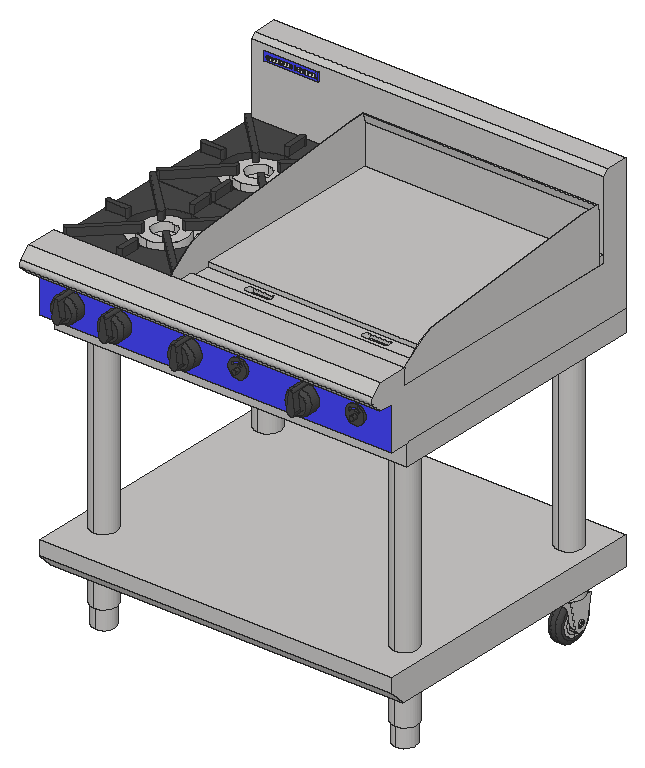
Revit family "QF_MOFFAT_BLUESEAL_CE_G516B-LS", category Specialty Equipment, Revit 2012 (continued)
Definition of nested family "GAS BURNER300 & GRIDDLE 600"
  Forms (mm)
    Extrusion 3, solid, material "QF_Finishes_Stainless Steel"
      sketch origin (0, -15.098, 0) x (0, -1, 0) y (1, 0, 0)
        loop
          circle (451.402, 150) r 57
        loop
          circle (151.402, 150) r 30
        loop
          circle (451.402, 150) r 30
      from 0 to 20
  Lines and regions (mm)
    symbolic lines
      curve 1: line (284.847, -22.602, 0) -> (176.924, -130.525, 0)
      curve 2: spline (176.924, -130.525, 0) -> (176.163, -131.595, 0) -> (175.762, -132.899, 0) -> (175.749, -134.351, 0) -> (176.125, -135.85, 0) -> (176.863, -137.295, 0) -> (177.914, -138.586, 0) -> (179.205, -139.637, 0) -> (180.65, -140.375, 0) -> (182.149, -140.751, 0) -> (183.601, -140.738, 0) -> (184.905, -140.337, 0) -> (185.975, -139.576, 0)
      curve 3: line (185.975, -139.576, 0) -> (293.898, -31.653, 0)
      curve 4: spline (293.898, -31.653, 0) -> (294.659, -30.584, 0) -> (295.059, -29.279, 0) -> (295.072, -27.828, 0) -> (294.697, -26.329, 0) -> (293.959, -24.884, 0) -> (292.908, -23.592, 0) -> (291.616, -22.541, 0) -> (290.171, -21.803, 0) -> (288.672, -21.428, 0) -> (287.221, -21.441, 0) -> (285.916, -21.841, 0) -> (284.847, -22.602, 0)
      curve 5: line (291.102, -160.1, 0) -> (241.898, -160.1, 0)
      curve 6: spline (241.898, -160.1, 0) -> (240.604, -160.318, 0) -> (239.398, -160.957, 0) -> (238.362, -161.975, 0) -> (237.568, -163.3, 0) -> (237.068, -164.844, 0) -> (236.898, -166.5, 0) -> (237.068, -168.156, 0) -> (237.568, -169.7, 0) -> (238.362, -171.025, 0) -> (239.398, -172.043, 0) -> (240.604, -172.682, 0) -> (241.898, -172.9, 0)
      curve 7: line (241.898, -172.9, 0) -> (291.102, -172.9, 0)
      curve 8: arc (150, -223.5, 0) -> (168.725, -220.336, 0) -> (185.372, -211.197, 0) r 57
      curve 9: arc (150, -109.5, 0) -> (131.183, -112.696, 0) -> (114.475, -121.924, 0) r 57
      curve 10: arc (149.991, -84.418, 0) -> (178.523, -89.406, 0) -> (203.668, -103.781, 0) r 84.082
      curve 11: arc (149.991, -252.582, 0) -> (120.441, -247.219, 0) -> (94.661, -231.812, 0) r 84.082
      curve 12: line (156.4, -74.602, 0) -> (156.4, -25.398, 0)
      curve 13: spline (156.4, -25.398, 0) -> (156.182, -24.104, 0) -> (155.543, -22.898, 0) -> (154.525, -21.862, 0) -> (153.2, -21.068, 0) -> (151.656, -20.568, 0) -> (150, -20.398, 0) -> (148.344, -20.568, 0) -> (146.8, -21.068, 0) -> (145.475, -21.862, 0) -> (144.457, -22.898, 0) -> (143.818, -24.104, 0) -> (143.6, -25.398, 0)
      curve 14: line (143.6, -25.398, 0) -> (143.6, -74.602, 0)
      curve 15: spline (143.6, -74.602, 0) -> (143.818, -75.896, 0) -> (144.457, -77.102, 0) -> (145.475, -78.138, 0) -> (146.8, -78.932, 0) -> (148.344, -79.432, 0) -> (150, -79.602, 0) -> (151.656, -79.432, 0) -> (153.2, -78.932, 0) -> (154.525, -78.138, 0) -> (155.543, -77.102, 0) -> (156.182, -75.896, 0) -> (156.4, -74.602, 0)
      curve 16: line (296, 0, 0) -> (4, 0, 0)
      curve 17: arc (4, 0, 0) -> (1.879, -0.879, 0) -> (1, -3, 0) r 3
      curve 18: line (1, -3, 0) -> (1, -315.5, 0)
      curve 19: arc (1, -315.5, 0) -> (1.879, -317.621, 0) -> (4, -318.5, 0) r 3
      curve 20: line (4, -318.5, 0) -> (296, -318.5, 0)
      curve 21: line (296, -321.5, 0) -> (4, -321.5, 0)
      curve 22: arc (4, -321.5, 0) -> (1.879, -322.379, 0) -> (1, -324.5, 0) r 3
      curve 23: line (1, -324.5, 0) -> (1, -632, 0)
      curve 24: arc (1, -632, 0) -> (1.879, -634.121, 0) -> (4, -635, 0) r 3
      curve 25: line (4, -635, 0) -> (296, -635, 0)
      curve 26: line (293.898, -304.847, 0) -> (185.975, -193.424, 0)
      curve 27: spline (185.975, -193.424, 0) -> (184.905, -192.663, 0) -> (183.601, -192.262, 0) -> (182.149, -192.249, 0) -> (180.65, -192.625, 0) -> (179.205, -193.363, 0) -> (177.914, -194.414, 0) -> (176.863, -195.705, 0) -> (176.125, -197.15, 0) -> (175.749, -198.649, 0) -> (175.762, -200.101, 0) -> (176.163, -201.405, 0) -> (176.924, -202.475, 0)
      curve 28: line (176.924, -202.475, 0) -> (284.847, -313.898, 0)
      curve 29: spline (284.847, -313.898, 0) -> (285.916, -314.659, 0) -> (287.221, -315.059, 0) -> (288.672, -315.072, 0) -> (290.171, -314.697, 0) -> (291.616, -313.959, 0) -> (292.908, -312.908, 0) -> (293.959, -311.616, 0) -> (294.697, -310.171, 0) -> (295.072, -308.672, 0) -> (295.059, -307.221, 0) -> (294.659, -305.916, 0) -> (293.898, -304.847, 0)
      curve 30: line (15.153, -313.898, 0) -> (123.076, -202.475, 0)
      curve 31: spline (123.076, -202.475, 0) -> (123.837, -201.405, 0) -> (124.238, -200.101, 0) -> (124.251, -198.649, 0) -> (123.875, -197.15, 0) -> (123.137, -195.705, 0) -> (122.086, -194.414, 0) -> (120.795, -193.363, 0) -> (119.35, -192.625, 0) -> (117.851, -192.249, 0) -> (116.399, -192.262, 0) -> (115.095, -192.663, 0) -> (114.025, -193.424, 0)
      curve 32: line (114.025, -193.424, 0) -> (6.102, -304.847, 0)
      curve 33: spline (6.102, -304.847, 0) -> (5.341, -305.916, 0) -> (4.941, -307.221, 0) -> (4.928, -308.672, 0) -> (5.303, -310.171, 0) -> (6.041, -311.616, 0) -> (7.092, -312.908, 0) -> (8.384, -313.959, 0) -> (9.829, -314.697, 0) -> (11.328, -315.072, 0) -> (12.779, -315.059, 0) -> (14.084, -314.659, 0) -> (15.153, -313.898, 0)
      curve 34: line (8.898, -172.9, 0) -> (58.102, -172.9, 0)
      curve 35: spline (58.102, -172.9, 0) -> (59.396, -172.682, 0) -> (60.602, -172.043, 0) -> (61.638, -171.025, 0) -> (62.432, -169.7, 0) -> (62.932, -168.156, 0) -> (63.102, -166.5, 0) -> (62.932, -164.844, 0) -> (62.432, -163.3, 0) -> (61.638, -161.975, 0) -> (60.602, -160.957, 0) -> (59.396, -160.318, 0) -> (58.102, -160.1, 0)
      curve 36: line (58.102, -160.1, 0) -> (8.898, -160.1, 0)
      curve 37: spline (8.898, -160.1, 0) -> (7.604, -160.318, 0) -> (6.398, -160.957, 0) -> (5.362, -161.975, 0) -> (4.568, -163.3, 0) -> (4.068, -164.844, 0) -> (3.898, -166.5, 0) -> (4.068, -168.156, 0) -> (4.568, -169.7, 0) -> (5.362, -171.025, 0) -> (6.398, -172.043, 0) -> (7.604, -172.682, 0) -> (8.898, -172.9, 0)
      curve 38: line (6.102, -31.653, 0) -> (114.025, -139.576, 0)
      curve 39: spline (114.025, -139.576, 0) -> (115.095, -140.337, 0) -> (116.399, -140.738, 0) -> (117.851, -140.751, 0) -> (119.35, -140.375, 0) -> (120.795, -139.637, 0) -> (122.086, -138.586, 0) -> (123.137, -137.295, 0) -> (123.875, -135.85, 0) -> (124.251, -134.351, 0) -> (124.238, -132.899, 0) -> (123.837, -131.595, 0) -> (123.076, -130.525, 0)
      curve 40: line (123.076, -130.525, 0) -> (15.153, -22.602, 0)
      curve 41: spline (15.153, -22.602, 0) -> (13.924, -21.681, 0) -> (12.47, -21.131, 0) -> (10.89, -20.99, 0) -> (9.292, -21.267, 0) -> (7.786, -21.943, 0) -> (6.473, -22.973, 0) -> (5.443, -24.286, 0) -> (4.767, -25.792, 0) -> (4.49, -27.39, 0) -> (4.631, -28.97, 0) -> (5.181, -30.424, 0) -> (6.102, -31.653, 0)
      curve 42: arc (150, -136.5, 0) -> (180, -166.5, 0) -> (150, -196.5, 0) r 30
      curve 43: arc (150, -196.5, 0) -> (120, -166.5, 0) -> (150, -136.5, 0) r 30
      curve 44: line (156.4, -311.102, 0) -> (156.4, -261.898, 0)
      curve 45: spline (156.4, -261.898, 0) -> (156.182, -260.604, 0) -> (155.543, -259.398, 0) -> (154.525, -258.362, 0) -> (153.2, -257.568, 0) -> (151.656, -257.068, 0) -> (150, -256.898, 0) -> (148.344, -257.068, 0) -> (146.8, -257.568, 0) -> (145.475, -258.362, 0) -> (144.457, -259.398, 0) -> (143.818, -260.604, 0) -> (143.6, -261.898, 0)
      curve 46: line (143.6, -261.898, 0) -> (143.6, -311.102, 0)
      curve 47: spline (143.6, -311.102, 0) -> (143.818, -312.396, 0) -> (144.457, -313.602, 0) -> (145.475, -314.638, 0) -> (146.8, -315.432, 0) -> (148.344, -315.932, 0) -> (150, -316.102, 0) -> (151.656, -315.932, 0) -> (153.2, -315.432, 0) -> (154.525, -314.638, 0) -> (155.543, -313.602, 0) -> (156.182, -312.396, 0) -> (156.4, -311.102, 0)
      curve 48: line (156.4, -378.102, 0) -> (156.4, -328.898, 0)
      curve 49: spline (156.4, -328.898, 0) -> (156.182, -327.604, 0) -> (155.543, -326.398, 0) -> (154.525, -325.362, 0) -> (153.2, -324.568, 0) -> (151.656, -324.068, 0) -> (150, -323.898, 0) -> (148.344, -324.068, 0) -> (146.8, -324.568, 0) -> (145.475, -325.362, 0) -> (144.457, -326.398, 0) -> (143.818, -327.604, 0) -> (143.6, -328.898, 0)
      curve 50: line (143.6, -328.898, 0) -> (143.6, -378.102, 0)
      curve 51: spline (143.6, -378.102, 0) -> (143.818, -379.396, 0) -> (144.457, -380.602, 0) -> (145.475, -381.638, 0) -> (146.8, -382.432, 0) -> (148.344, -382.932, 0) -> (150, -383.102, 0) -> (151.656, -382.932, 0) -> (153.2, -382.432, 0) -> (154.525, -381.638, 0) -> (155.543, -380.602, 0) -> (156.182, -379.396, 0) -> (156.4, -378.102, 0)
      curve 52: line (284.847, -326.102, 0) -> (176.924, -434.025, 0)
      curve 53: spline (176.924, -434.025, 0) -> (176.163, -435.095, 0) -> (175.762, -436.399, 0) -> (175.749, -437.851, 0) -> (176.125, -439.35, 0) -> (176.863, -440.795, 0) -> (177.914, -442.086, 0) -> (179.205, -443.137, 0) -> (180.65, -443.875, 0) -> (182.149, -444.251, 0) -> (183.601, -444.238, 0) -> (184.905, -443.837, 0) -> (185.975, -443.076, 0)
      curve 54: line (185.975, -443.076, 0) -> (293.898, -335.153, 0)
      curve 55: spline (293.898, -335.153, 0) -> (294.659, -334.084, 0) -> (295.059, -332.779, 0) -> (295.072, -331.328, 0) -> (294.697, -329.829, 0) -> (293.959, -328.384, 0) -> (292.908, -327.092, 0) -> (291.616, -326.041, 0) -> (290.171, -325.303, 0) -> (288.672, -324.928, 0) -> (287.221, -324.941, 0) -> (285.916, -325.341, 0) -> (284.847, -326.102, 0)
      curve 56: line (123.076, -434.025, 0) -> (15.153, -326.102, 0)
      curve 57: spline (15.153, -326.102, 0) -> (13.924, -325.181, 0) -> (12.47, -324.631, 0) -> (10.89, -324.49, 0) -> (9.292, -324.767, 0) -> (7.786, -325.443, 0) -> (6.473, -326.473, 0) -> (5.443, -327.786, 0) -> (4.767, -329.292, 0) -> (4.49, -330.89, 0) -> (4.631, -332.47, 0) -> (5.181, -333.924, 0) -> (6.102, -335.153, 0)
      curve 58: line (6.102, -335.153, 0) -> (114.025, -443.076, 0)
      curve 59: spline (114.025, -443.076, 0) -> (115.095, -443.837, 0) -> (116.399, -444.238, 0) -> (117.851, -444.251, 0) -> (119.35, -443.875, 0) -> (120.795, -443.137, 0) -> (122.086, -442.086, 0) -> (123.137, -440.795, 0) -> (123.875, -439.35, 0) -> (124.251, -437.851, 0) -> (124.238, -436.399, 0) -> (123.837, -435.095, 0) -> (123.076, -434.025, 0)
      curve 60: line (58.102, -463.6, 0) -> (8.898, -463.6, 0)
      curve 61: spline (8.898, -463.6, 0) -> (7.604, -463.818, 0) -> (6.398, -464.457, 0) -> (5.362, -465.475, 0) -> (4.568, -466.8, 0) -> (4.068, -468.344, 0) -> (3.898, -470, 0) -> (4.068, -471.656, 0) -> (4.568, -473.2, 0) -> (5.362, -474.525, 0) -> (6.398, -475.543, 0) -> (7.604, -476.182, 0) -> (8.898, -476.4, 0)
      curve 62: line (8.898, -476.4, 0) -> (58.102, -476.4, 0)
      curve 63: spline (58.102, -476.4, 0) -> (59.396, -476.182, 0) -> (60.602, -475.543, 0) -> (61.638, -474.525, 0) -> (62.432, -473.2, 0) -> (62.932, -471.656, 0) -> (63.102, -470, 0) -> (62.932, -468.344, 0) -> (62.432, -466.8, 0) -> (61.638, -465.475, 0) -> (60.602, -464.457, 0) -> (59.396, -463.818, 0) -> (58.102, -463.6, 0)
      curve 64: line (114.025, -496.924, 0) -> (6.102, -603.347, 0)
      curve 65: spline (6.102, -603.347, 0) -> (5.341, -604.416, 0) -> (4.941, -605.721, 0) -> (4.928, -607.172, 0) -> (5.303, -608.671, 0) -> (6.041, -610.116, 0) -> (7.092, -611.408, 0) -> (8.384, -612.459, 0) -> (9.829, -613.197, 0) -> (11.328, -613.572, 0) -> (12.779, -613.559, 0) -> (14.084, -613.159, 0) -> (15.153, -612.398, 0)
      curve 66: line (15.153, -612.398, 0) -> (123.076, -505.975, 0)
      curve 67: spline (123.076, -505.975, 0) -> (123.837, -504.905, 0) -> (124.238, -503.601, 0) -> (124.251, -502.149, 0) -> (123.875, -500.65, 0) -> (123.137, -499.205, 0) -> (122.086, -497.914, 0) -> (120.795, -496.863, 0) -> (119.35, -496.125, 0) -> (117.851, -495.749, 0) -> (116.399, -495.762, 0) -> (115.095, -496.163, 0) -> (114.025, -496.924, 0)
      curve 68: line (156.4, -609.602, 0) -> (156.4, -561.898, 0)
      curve 69: spline (156.4, -561.898, 0) -> (156.182, -560.604, 0) -> (155.543, -559.398, 0) -> (154.525, -558.362, 0) -> (153.2, -557.568, 0) -> (151.656, -557.068, 0) -> (150, -556.898, 0) -> (148.344, -557.068, 0) -> (146.8, -557.568, 0) -> (145.475, -558.362, 0) -> (144.457, -559.398, 0) -> (143.818, -560.604, 0) -> (143.6, -561.898, 0)
      curve 70: line (143.6, -561.898, 0) -> (143.6, -609.602, 0)
      curve 71: spline (143.6, -609.602, 0) -> (143.818, -610.896, 0) -> (144.457, -612.102, 0) -> (145.475, -613.138, 0) -> (146.8, -613.932, 0) -> (148.344, -614.432, 0) -> (150, -614.602, 0) -> (151.656, -614.432, 0) -> (153.2, -613.932, 0) -> (154.525, -613.138, 0) -> (155.543, -612.102, 0) -> (156.182, -610.896, 0) -> (156.4, -609.602, 0)
      curve 72: line (176.924, -505.975, 0) -> (284.847, -612.398, 0)
      curve 73: spline (284.847, -612.398, 0) -> (285.916, -613.159, 0) -> (287.221, -613.559, 0) -> (288.672, -613.572, 0) -> (290.171, -613.197, 0) -> (291.616, -612.459, 0) -> (292.908, -611.408, 0) -> (293.959, -610.116, 0) -> (294.697, -608.671, 0) -> (295.072, -607.172, 0) -> (295.059, -605.721, 0) -> (294.659, -604.416, 0) -> (293.898, -603.347, 0)
      curve 74: line (293.898, -603.347, 0) -> (185.975, -496.924, 0)
      curve 75: spline (185.975, -496.924, 0) -> (184.905, -496.163, 0) -> (183.601, -495.762, 0) -> (182.149, -495.749, 0) -> (180.65, -496.125, 0) -> (179.205, -496.863, 0) -> (177.914, -497.914, 0) -> (176.863, -499.205, 0) -> (176.125, -500.65, 0) -> (175.749, -502.149, 0) -> (175.762, -503.601, 0) -> (176.163, -504.905, 0) -> (176.924, -505.975, 0)
      curve 76: arc (149.991, -384.418, 0) -> (179.687, -389.836, 0) -> (205.556, -405.393, 0) r 84.082
      curve 77: arc (149.991, -552.582, 0) -> (121.173, -547.489, 0) -> (95.845, -532.827, 0) r 84.082
      curve 78: arc (150, -523.5, 0) -> (167.666, -520.693, 0) -> (183.592, -512.55, 0) r 57
      curve 79: arc (150, -409.5, 0) -> (130.014, -413.119, 0) -> (112.566, -423.515, 0) r 57
      curve 80: arc (150, -436.5, 0) -> (180, -466.5, 0) -> (150, -496.5, 0) r 30
      curve 81: arc (150, -496.5, 0) -> (120, -466.5, 0) -> (150, -436.5, 0) r 30
      curve 82: line (291.102, -463.6, 0) -> (241.898, -463.6, 0)
      curve 83: spline (241.898, -463.6, 0) -> (240.604, -463.818, 0) -> (239.398, -464.457, 0) -> (238.362, -465.475, 0) -> (237.568, -466.8, 0) -> (237.068, -468.344, 0) -> (236.898, -470, 0) -> (237.068, -471.656, 0) -> (237.568, -473.2, 0) -> (238.362, -474.525, 0) -> (239.398, -475.543, 0) -> (240.604, -476.182, 0) -> (241.898, -476.4, 0)
      curve 84: line (241.898, -476.4, 0) -> (291.102, -476.4, 0)
      curve 85: arc (96.324, -103.773, 0) -> (121.466, -89.404, 0) -> (149.991, -84.418, 0) r 84.082
      curve 86: arc (212.871, -112.68, 0) -> (234.066, -167.408, 0) -> (214.3, -222.668, 0) r 84.082
      curve 87: arc (194.454, -202.178, 0) -> (207, -166.598, 0) -> (194.576, -130.975, 0) r 57
      curve 88: arc (114.628, -211.197, 0) -> (131.275, -220.336, 0) -> (150, -223.5, 0) r 57
      curve 89: arc (105.424, -130.975, 0) -> (93, -166.598, 0) -> (105.546, -202.178, 0) r 57
      curve 90: arc (187.434, -423.515, 0) -> (169.986, -413.119, 0) -> (150, -409.5, 0) r 57
      curve 91: arc (103.911, -432.962, 0) -> (93.053, -468.956, 0) -> (106.969, -503.881, 0) r 57
      curve 92: arc (109.732, -506.842, 0) -> (110.614, -507.704, 0) -> (111.516, -508.547, 0) r 57
      curve 93: arc (193.031, -503.881, 0) -> (206.947, -468.956, 0) -> (196.089, -432.962, 0) r 57
      curve 94: arc (214.491, -414.56, 0) -> (234.068, -469.429, 0) -> (213.283, -523.853, 0) r 84.082
      curve 95: arc (94.436, -405.385, 0) -> (120.301, -389.834, 0) -> (149.991, -384.418, 0) r 84.082
      curve 96: arc (86.707, -523.862, 0) -> (65.914, -469.429, 0) -> (85.499, -414.55, 0) r 84.082
      curve 97: arc (116.408, -512.55, 0) -> (132.334, -520.693, 0) -> (150, -523.5, 0) r 57
      curve 98: arc (204.147, -532.819, 0) -> (178.816, -547.487, 0) -> (149.991, -552.582, 0) r 84.082
      curve 99: arc (185.525, -121.924, 0) -> (168.817, -112.696, 0) -> (150, -109.5, 0) r 57
      curve 100: arc (205.331, -231.803, 0) -> (179.547, -247.216, 0) -> (149.991, -252.582, 0) r 84.082
      curve 101: arc (85.69, -222.678, 0) -> (65.916, -167.408, 0) -> (87.119, -112.67, 0) r 84.082
      curve 102: line (299, -315.5, 0) -> (299, -3, 0)
      curve 103: arc (299, -3, 0) -> (298.121, -0.879, 0) -> (296, 0, 0) r 3
      curve 104: spline (291.102, -172.9, 0) -> (292.396, -172.682, 0) -> (293.602, -172.043, 0) -> (294.638, -171.025, 0) -> (295.432, -169.7, 0) -> (295.932, -168.156, 0) -> (296.102, -166.5, 0) -> (295.932, -164.844, 0) -> (295.432, -163.3, 0) -> (294.638, -161.975, 0) -> (293.602, -160.957, 0) -> (292.396, -160.318, 0) -> (291.102, -160.1, 0)
      curve 105: spline (291.102, -476.4, 0) -> (292.396, -476.182, 0) -> (293.602, -475.543, 0) -> (294.638, -474.525, 0) -> (295.432, -473.2, 0) -> (295.932, -471.656, 0) -> (296.102, -470, 0) -> (295.932, -468.344, 0) -> (295.432, -466.8, 0) -> (294.638, -465.475, 0) -> (293.602, -464.457, 0) -> (292.396, -463.818, 0) -> (291.102, -463.6, 0)
      curve 106: arc (296, -635, 0) -> (298.121, -634.121, 0) -> (299, -632, 0) r 3
      curve 107: line (299, -632, 0) -> (299, -324.5, 0)
      curve 108: arc (299, -324.5, 0) -> (298.121, -322.379, 0) -> (296, -321.5, 0) r 3
      curve 109: arc (296, -318.5, 0) -> (298.121, -317.621, 0) -> (299, -315.5, 0) r 3
  Dimensions and locks
    equal spacing: plane 3 "LEFT", plane 7 "Center Y", plane 4 "RIGHT"
    "Width": plane 3 "LEFT" to plane 4 "RIGHT"
    equal spacing: plane 5 "FRONT", plane 8 "Center X", plane 1 "BACK"
    "Depth": plane 5 "FRONT" to plane 1 "BACK"
    aligned and locked: level to plane 2
  Automatic sketch dimensions
    curve 8 to curve 9 = 0 mm
    curve 8 to curve 42 = 0 mm  (x2)
    curve 8 to curve 87 = 0 mm  (x2)
    curve 8 to curve 88 = 0 mm
    curve 8 to curve 89 = 0 mm
    curve 8 to curve 99 = 0 mm  (x2)
    curve 9 to curve 89 = 0 mm
    curve 10 to curve 11 = 0 mm  (x2)
    curve 10 to curve 85 = 0 mm
    curve 10 to curve 86 = 0 mm  (x2)
    curve 10 to curve 100 = 0 mm
    curve 10 to curve 101 = 0 mm  (x2)
    curve 76 to curve 77 = 0 mm  (x2)
    curve 76 to curve 94 = 0 mm  (x2)
    curve 76 to curve 95 = 0 mm
    curve 76 to curve 96 = 0 mm  (x2)
    curve 76 to curve 98 = 0 mm
    curve 78 to curve 79 = 0 mm
    curve 78 to curve 80 = 0 mm  (x2)
    curve 78 to curve 90 = 0 mm  (x2)
    curve 78 to curve 91 = 0 mm
    curve 78 to curve 92 = 0 mm
    curve 78 to curve 93 = 0 mm  (x2)
    curve 78 to curve 97 = 0 mm
    curve 79 to curve 91 = 0 mm
    curve 79 to curve 92 = 0 mm
    plane 5 "FRONT" to curve 24 = 0 mm
    plane 1 "BACK" to curve 103 = 0 mm
    plane 3 "LEFT" to curve 18 = 1 mm
    plane 3 "LEFT" to curve 22 = 1 mm
    plane 3 "LEFT" to curve 24 = 4 mm
    curve 19 to curve 19 = 3 mm
    plane 3 "LEFT" to curve 17 = 4 mm
    curve 21 to curve 19 = 0 mm
    plane 3 "LEFT" to curve 57 = 6.102 mm
    plane 3 "LEFT" to curve 32 = 6.102 mm
    plane 3 "LEFT" to curve 41 = 6.102 mm
    plane 3 "LEFT" to curve 64 = 6.102 mm
    plane 3 "LEFT" to curve 37 = 8.898 mm
    plane 3 "LEFT" to curve 60 = 8.898 mm
    curve 57 to curve 57 = 4.525 mm
    curve 33 to curve 33 = 4.525 mm
    curve 64 to curve 65 = 4.525 mm
    curve 38 to curve 41 = 4.525 mm
    plane 8 "Center X" to curve 30 = 3.602 mm
    curve 60 to curve 96 = 27.397 mm
    curve 35 to curve 101 = 27.588 mm
    curve 96 to curve 95 = 8.937 mm
    curve 101 to curve 11 = 8.97 mm
    curve 96 to curve 91 = 18.412 mm
    curve 101 to curve 89 = 18.305 mm
    curve 101 to curve 89 = 19.856 mm
    curve 96 to curve 91 = 20.262 mm
    curve 91 to curve 92 = 2.762 mm
    curve 92 to curve 92 = 1.784 mm
    curve 91 to curve 79 = 8.655 mm
    curve 89 to curve 39 = 8.601 mm
    curve 91 to curve 67 = 7.056 mm
    curve 89 to curve 32 = 8.479 mm
    curve 92 to curve 97 = 4.893 mm
    curve 67 to curve 67 = 4.525 mm
    curve 59 to curve 59 = 4.525 mm
    curve 32 to curve 31 = 4.525 mm
    curve 38 to curve 39 = 4.525 mm
    curve 85 to curve 15 = 47.276 mm
    curve 77 to curve 70 = 47.755 mm
    curve 11 to curve 45 = 48.939 mm
    curve 76 to curve 97 = 0.009 mm
    curve 10 to curve 42 = 0.009 mm
    curve 70 to curve 71 = 6.4 mm
    curve 14 to curve 15 = 6.4 mm
    curve 76 to curve 51 = 0.009 mm
    curve 46 to curve 47 = 6.4 mm
    curve 50 to curve 49 = 6.4 mm
    curve 1 to curve 2 = 4.525 mm
    curve 53 to curve 53 = 4.525 mm
    curve 27 to curve 27 = 4.525 mm
    curve 72 to curve 75 = 4.525 mm
    curve 75 to curve 78 = 6.668 mm
    curve 28 to curve 8 = 8.448 mm
    curve 2 to curve 99 = 8.601 mm  (x2)
    curve 27 to curve 87 = 8.479 mm
    curve 2 to curve 87 = 8.601 mm
    curve 90 to curve 93 = 8.655 mm
    curve 99 to curve 10 = 18.144 mm
    curve 78 to curve 98 = 20.555 mm
    curve 8 to curve 100 = 19.959 mm
    curve 90 to curve 76 = 18.122 mm
    curve 100 to curve 86 = 8.969 mm
    curve 76 to curve 94 = 8.936 mm
    curve 93 to curve 82 = 45.809 mm
    curve 87 to curve 7 = 47.444 mm
    plane 1 "BACK" to curve 4 = 22.602 mm
    curve 52 to plane 8 "Center X" = 8.602 mm
    plane 8 "Center X" to curve 28 = 3.602 mm
    curve 28 to curve 52 = 0 mm
    curve 72 to plane 5 "FRONT" = 22.602 mm
    curve 1 to curve 4 = 4.525 mm
    curve 55 to curve 55 = 4.525 mm
    curve 28 to curve 29 = 4.525 mm
    curve 72 to curve 73 = 4.525 mm
    curve 82 to curve 105 = 49.204 mm
    curve 6 to curve 104 = 49.204 mm
    curve 108 to plane 8 "Center X" = 4 mm
    curve 55 to curve 108 = 6.628 mm
    plane 8 "Center X" to curve 109 = 2 mm
    curve 109 to curve 108 = 0 mm
    curve 72 to curve 25 = 11.153 mm
    curve 4 to curve 16 = 11.153 mm
    curve 108 to curve 107 = 3 mm
    plane 1 "BACK" to curve 103 = 3 mm
    curve 24 to curve 65 = 19.602 mm
    curve 70 to plane 5 "FRONT" = 25.398 mm
    curve 69 to curve 98 = 9.316 mm
    curve 77 to curve 96 = 8.965 mm
    curve 98 to curve 94 = 8.967 mm
    curve 97 to curve 92 = 4.003 mm
    curve 78 to curve 72 = 6.575 mm
    curve 97 to curve 66 = 6.575 mm
    curve 92 to curve 91 = 2.96 mm
    curve 93 to curve 75 = 6.958 mm
    curve 78 to curve 81 = 27 mm
    curve 96 to curve 61 = 47.462 mm
    curve 94 to curve 84 = 47.453 mm
    curve 61 to curve 61 = 6.4 mm
    curve 105 to curve 105 = 6.4 mm
    curve 59 to curve 91 = 10.114 mm
    curve 53 to curve 93 = 10.114 mm
    curve 94 to curve 76 = 9.166 mm
    curve 96 to curve 95 = 9.165 mm
    curve 76 to curve 51 = 6.316 mm
    curve 57 to plane 8 "Center X" = 17.653 mm
    curve 49 to plane 8 "Center X" = 11.398 mm
    curve 19 to plane 8 "Center X" = 1 mm
    plane 8 "Center X" to curve 46 = 6.398 mm
    curve 45 to curve 11 = 9.316 mm
    curve 88 to curve 31 = 8.722 mm
    curve 8 to curve 28 = 8.722 mm
    curve 89 to curve 31 = 8.754 mm
    curve 8 to curve 42 = 27 mm
    curve 101 to curve 34 = 49.778 mm
    curve 86 to curve 7 = 49.768 mm
    curve 6 to curve 6 = 6.4 mm
    curve 34 to curve 35 = 6.4 mm
    curve 38 to curve 89 = 8.601 mm
    curve 40 to curve 9 = 8.601 mm
    curve 86 to curve 10 = 8.899 mm
    curve 101 to curve 85 = 8.898 mm
    curve 10 to curve 15 = 9.816 mm
    plane 1 "BACK" to curve 13 = 25.398 mm
    plane 1 "BACK" to Extrusion 1 sketch curve = 0 mm
    plane 5 "FRONT" to Extrusion 1 sketch curve = 0 mm
    plane 3 "LEFT" to Extrusion 1 sketch curve = 1 mm  (x2)
    plane 1 "BACK" to Extrusion 1 sketch curve = 3 mm  (x2)
    plane 8 "Center X" to Extrusion 1 sketch curve = 149 mm
    plane 8 "Center X" to Extrusion 1 sketch curve = 2 mm  (x2)
    Extrusion 1 sketch curve to plane 8 "Center X" = 1 mm
    Extrusion 1 sketch curve to Extrusion 1 sketch curve = 3 mm  (x3)
    Extrusion 1 sketch curve to plane 8 "Center X" = 151 mm
    Extrusion 1 sketch curve to plane 5 "FRONT" = 3 mm  (x2)
    plane 3 "LEFT" to Extrusion 1 sketch curve = 149.991 mm  (x2)
    Extrusion 1 sketch curve to plane 7 "Center Y" = 154 mm
    Extrusion 1 sketch curve to Extrusion 1 sketch curve = 0 mm
    Extrusion 2 sketch curve to Extrusion 1 = 22.602 mm  (x2)
    Extrusion 2 sketch curve to Extrusion 1 = 25.398 mm  (x2)
    Extrusion 2 sketch curve to Extrusion 2 sketch curve = 4.525 mm  (x16)
    Extrusion 2 sketch curve to Extrusion 2 sketch curve = 49.204 mm  (x5)
    Extrusion 2 sketch curve to Extrusion 2 sketch curve = 55.923 mm  (x5)
    Extrusion 2 sketch curve to Extrusion 2 sketch curve = 0 mm  (x5)
    Extrusion 2 sketch curve to Extrusion 2 sketch curve = 20.524 mm  (x8)
    Extrusion 2 sketch curve to Extrusion 2 sketch curve = 6.4 mm  (x8)
    Extrusion 2 sketch curve to Extrusion 2 sketch curve = 53.847 mm  (x8)
    Extrusion 2 sketch curve to Extrusion 1 = 56.602 mm
    Extrusion 2 sketch curve to Extrusion 1 = 5.102 mm  (x6)
    Extrusion 2 sketch curve to Extrusion 1 = 13.653 mm  (x2)
    Extrusion 2 sketch curve to Extrusion 1 = 7.398 mm  (x2)
    Extrusion 2 sketch curve to Extrusion 1 = 4.602 mm  (x2)
    Extrusion 2 sketch curve to Extrusion 1 = 7.898 mm  (x4)
    Extrusion 2 sketch curve to Extrusion 1 = 31.653 mm  (x2)
    Extrusion 2 sketch curve to Extrusion 1 = 57.102 mm
    Extrusion 2 sketch curve to Extrusion 1 = 14.153 mm
    Extrusion 3 sketch curve to Extrusion 3 sketch curve = 0 mm  (x24)
    plane 1 "BACK" to Extrusion 3 sketch curve = 109.5 mm
    Extrusion 3 sketch curve to Extrusion 3 sketch curve = 27 mm  (x2)
    Extrusion 3 sketch curve to Extrusion 3 sketch curve = 30 mm  (x2)
    Extrusion 3 sketch curve to plane 8 "Center X" = 92 mm
    plane 3 "LEFT" to Extrusion 3 sketch curve = 150 mm  (x2)
    radius of Extrusion 1 sketch curve = 84.082 mm  (x2)
  Nested families
    nested 1: "GAS GRIDDLE PLATE 600" at (300, -15, 0), type "GAS GRIDDLE PLATE 600"
      with Width 600 mm, Type Mark "", Status "", Specification by User "", Revision Code "", Item Number "", Installed By "", Identify Quantity as Lot yes, Furnished By "", Foodservice Equipment Identifier yes, Depth 620 mm
  Definition of nested family "GAS GRIDDLE PLATE 600"
    Parameters (values of type "GAS GRIDDLE PLATE 600")
      Width [instance] = 600 mm
      Weight in Pounds = 0
      URL Cutsheet = ""
      Type Mark [instance] = ""
      Status [instance] = ""
      Specification by User [instance] = ""
      Specification by Manufacturer = ""
      Serial Number = ""
      Seismic Rating = ""
      SMACNA No = ""
      Revision Code [instance] = ""
      Omniclass Number and Title = ""
      NAFEM Spec ID Number = ""
      Masterspec = ""
      Item Number [instance] = ""
      Installed By [instance] = ""
      Identify Quantity as Lot [instance] = yes
      Furnished By [instance] = ""
      Foodservice Equipment Identifier [instance] = yes
      Depth [instance] = 620 mm
      CSI MasterFormat = ""
      CSI Master Format = ""
    Reference planes
      plane 1 "BACK": y = 0
      plane 2: z = 0
      plane 3 "LEFT": x = 0
      plane 4 "RIGHT": x = 600
      plane 5 "FRONT": y = -620
      plane 6 "TOP": z = 142.5
      plane 7 "Center Y": x = 300
      plane 8 "Center X": y = -310
      plane 9: y = -530.997
      plane 10: y = -541.497
      plane 11: y = -503.25
      plane 12: y = -557.737
    Forms (mm)
      Extrusion 1, solid, material "QF_Finishes_Stainless Steel"
        sketch origin (0, 70.003, -874.5) x (0, 1, 0) y (0, 0, 1)
          loop
            line (-70, 875) -> (-70, 997.489) -> (-75.228, 1017) -> (-117.24, 1017) -> (-589.533, 971.523)
            arc (-589.533, 971.523) -> (-614.56, 965.803) -> (-637.306, 953.899) r 100
            line (-637.306, 953.899) -> (-690.003, 917) -> (-690.003, 875) -> (-70, 875)
        from 0 to 1.8
      Extrusion 2, solid, material "QF_Finishes_Stainless Steel"
        sketch origin (600, 70.003, -874.5) x (0, -1, 0) y (0, 0, 1)
          loop
            line (70, 875) -> (690.003, 875) -> (690.003, 917) -> (637.306, 953.899)
            arc (637.306, 953.899) -> (614.56, 965.803) -> (589.533, 971.523) r 100
            line (589.533, 971.523) -> (117.24, 1017) -> (75.228, 1017) -> (70, 997.489) -> (70, 875)
        from 0 to 1.2
      Extrusion 3, solid, material "QF_Finishes_Stainless Steel"
        sketch origin (150, 70.003, -874.5) x (0, 1, 0) y (0, 0, 1)
          loop
            line (-55, 895) -> (-573.253, 895) -> (-573.253, 884.5) -> (-627.74, 884.5) -> (-627.74, 895) -> (-690.003, 895) -> (-690.003, 875) -> (-55, 875) -> (-55, 895)
        from -148.2 to 448.8
      Extrusion 4, void
        sketch origin (150, -541.497, 10) x (0, -1, 0) y (1, 0, 0)
          loop
            arc (-7.497, 25.113) -> (-17.497, 35.113) -> (-27.497, 25.113) r 10
            line (-27.497, 25.113) -> (-27.497, -24.887)
            arc (-27.497, -24.887) -> (-17.497, -34.887) -> (-7.497, -24.887) r 10
            line (-7.497, -24.887) -> (-7.497, 25.113)
          loop
            line (-7.497, 274.887) -> (-7.497, 324.887)
            arc (-7.497, 324.887) -> (-17.497, 334.887) -> (-27.497, 324.887) r 10
            line (-27.497, 324.887) -> (-27.497, 274.887)
            arc (-27.497, 274.887) -> (-17.497, 264.887) -> (-7.497, 274.887) r 10
        from -41.4 to 40.142
      Extrusion 5, solid, material "QF_Finishes_Stainless Steel"
        sketch origin (0, 70.003, -874.5) x (0, 1, 0) y (0, 0, 1)
          loop
            line (-70, 875) -> (-70, 997.489) -> (-75.228, 1017) -> (-76.884, 1017) -> (-71.6, 997.278) -> (-71.6, 875) -> (-70, 875)
        from 0 to 598.8
    Cuts and joins
      Extrusion 4 cuts Extrusion 3
      joined: Extrusion 1, Extrusion 2, Extrusion 3, Extrusion 5
    Lines and regions (mm)
      symbolic lines
        curve 1: line (600, -503.25, 0) -> (0, -503.25, 0)
        curve 2: line (0, -557.737, 0) -> (600, -557.737, 0)
        curve 3: line (0, -1.68, 0) -> (600, -1.68, 0)
        curve 4: line (600, -1.68, 0) -> (600, -620, 0)
        curve 5: line (0, -620, 0) -> (0, -1.68, 0)
        curve 6: line (0, -620, 0) -> (600, -620, 0)
        curve 7: arc (175.113, -534, 0) -> (185.113, -524, 0) -> (175.113, -514, 0) r 10
        curve 8: line (175.113, -514, 0) -> (125.113, -514, 0)
        curve 9: arc (125.113, -514, 0) -> (115.113, -524, 0) -> (125.113, -534, 0) r 10
        curve 10: line (125.113, -534, 0) -> (175.113, -534, 0)
        curve 11: arc (424.887, -534, 0) -> (414.887, -524, 0) -> (424.887, -514, 0) r 10
        curve 12: line (424.887, -514, 0) -> (474.887, -514, 0)
        curve 13: arc (474.887, -514, 0) -> (484.887, -524, 0) -> (474.887, -534, 0) r 10
        curve 14: line (474.887, -534, 0) -> (424.887, -534, 0)
    Dimensions and locks
      equal spacing: plane 3 "LEFT", plane 7 "Center Y", plane 4 "RIGHT"
      "Width": plane 3 "LEFT" to plane 4 "RIGHT"
      equal spacing: plane 5 "FRONT", plane 8 "Center X", plane 1 "BACK"
      "Depth": plane 5 "FRONT" to plane 1 "BACK"
      locked: Extrusion 2 to Extrusion 2 at 1.2
      aligned and locked: level to plane 2
      aligned and locked: Extrusion 2 to plane 4 "RIGHT"
      aligned and locked: curve 1 to plane 11
      aligned and locked: plane 12 to curve 2
      aligned and locked: Extrusion 5 to cut or joined group of Extrusion 1, Extrusion 2, Extrusion 3, Extrusion 4, Extrusion 5
    Automatic sketch dimensions
      Extrusion 1 sketch curve to plane 5 "FRONT" = 0 mm
      Extrusion 1 sketch curve to plane 6 "TOP" = 0 mm
      plane 12 to Extrusion 1 sketch curve = 9.566 mm
      plane 11 to Extrusion 1 sketch curve = 16.28 mm
      Extrusion 1 sketch curve to level = 2.516 mm
      plane 11 to Extrusion 1 sketch curve = 6.695 mm
      plane 1 "BACK" to Extrusion 1 sketch curve = 47.237 mm
      plane 1 "BACK" to Extrusion 1 sketch curve = 5.225 mm
      Extrusion 1 sketch curve to plane 1 "BACK" = 0.003 mm
      level to Extrusion 1 sketch curve = 0.5 mm
      Extrusion 1 sketch curve to Extrusion 1 sketch curve = 42 mm
      Extrusion 1 sketch curve to plane 6 "TOP" = 63.101 mm
      Extrusion 1 sketch curve to plane 6 "TOP" = 19.511 mm
      Extrusion 2 sketch curve to plane 6 "TOP" = 0 mm
      Extrusion 2 sketch curve to plane 5 "FRONT" = 0 mm
      plane 12 to Extrusion 2 sketch curve = 9.566 mm
      plane 11 to Extrusion 2 sketch curve = 16.28 mm
      Extrusion 2 sketch curve to level = 2.516 mm
      plane 11 to Extrusion 2 sketch curve = 6.695 mm
      plane 1 "BACK" to Extrusion 2 sketch curve = 47.237 mm
      plane 1 "BACK" to Extrusion 2 sketch curve = 5.225 mm
      Extrusion 2 sketch curve to plane 1 "BACK" = 0.003 mm
      level to Extrusion 2 sketch curve = 0.5 mm
      Extrusion 2 sketch curve to Extrusion 2 sketch curve = 42 mm
      Extrusion 2 sketch curve to plane 6 "TOP" = 63.101 mm
      Extrusion 2 sketch curve to plane 6 "TOP" = 19.511 mm
      Extrusion 3 sketch curve to plane 5 "FRONT" = 0 mm
      Extrusion 3 sketch curve to plane 12 = 0 mm
      Extrusion 3 sketch curve to plane 11 = 0 mm
      Extrusion 3 sketch curve to plane 1 "BACK" = 15.003 mm
      level to Extrusion 3 sketch curve = 0.5 mm
      level to Extrusion 3 sketch curve = 10 mm
      Extrusion 3 sketch curve to Extrusion 3 sketch curve = 10.5 mm  (x2)
      plane 1 "BACK" to Extrusion 5 sketch curve = 5.225 mm
      Extrusion 5 sketch curve to plane 1 "BACK" = 0.003 mm
      Extrusion 5 sketch curve to plane 6 "TOP" = 19.511 mm
      Extrusion 5 sketch curve to Extrusion 5 sketch curve = 1.6 mm
      Extrusion 5 sketch curve to Extrusion 5 sketch curve = 0.211 mm
      Extrusion 5 sketch curve to plane 6 "TOP" = 0 mm
      Extrusion 5 sketch curve to Extrusion 5 sketch curve = 1.656 mm
      level to Extrusion 5 sketch curve = 0.5 mm
      plane 11 to Extrusion 4 sketch curve = 10.75 mm  (x2)
      Extrusion 4 sketch curve to Extrusion 4 sketch curve = 10 mm  (x2)
      plane 3 "LEFT" to Extrusion 4 sketch curve = 125.113 mm
      Extrusion 4 sketch curve to Extrusion 4 sketch curve = 50 mm  (x2)
      plane 7 "Center Y" to Extrusion 4 sketch curve = 124.887 mm
      curve 6 to plane 3 "LEFT" = 0 mm
      curve 3 to plane 4 "RIGHT" = 0 mm
      plane 5 "FRONT" to curve 6 = 0 mm
      plane 11 to curve 8 = 10.75 mm
      plane 3 "LEFT" to curve 8 = 125.113 mm
      curve 10 to plane 12 = 23.737 mm
      curve 9 to curve 10 = 50 mm
      curve 11 to plane 12 = 23.737 mm
      plane 7 "Center Y" to curve 11 = 124.887 mm
      plane 11 to curve 12 = 10.75 mm
      curve 12 to curve 12 = 50 mm
      plane 1 "BACK" to curve 3 = 1.68 mm
